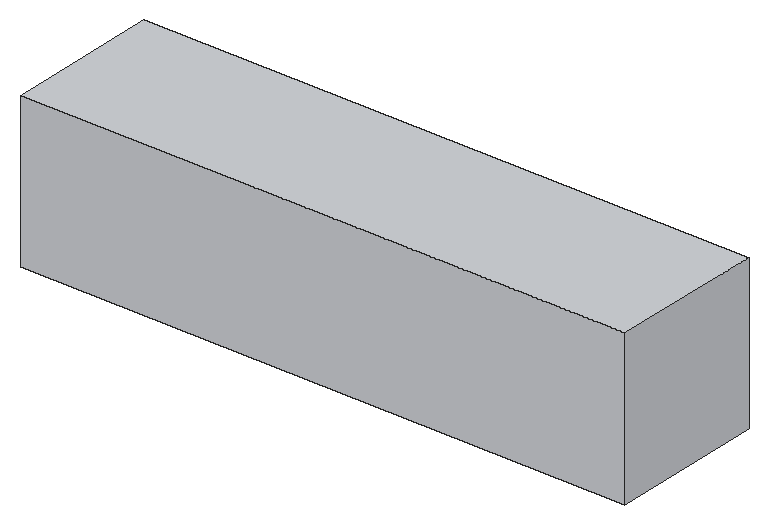
Revit family "DynamoBrick", category Generic Models, Revit 2024
Family settings
  Can host rebar = No
  Round Connector Dimension = Use Diameter
  Part Type = Normal
  Work Plane-Based = No
  Always vertical = Yes
  Cut with Voids When Loaded = No
  Maintain Annotation Orientation = No
  Shared = No
  Room Calculation Point = No
Parameters
  Material = none
  Length = 300 mm
  Height = Depth - Gap  # 77.5 mm
  Gap = 2.5 mm
  Depth = 80 mm
  Default Elevation = 0 mm
Reference planes
  plane 1 "Center (Front/Back)": y = 0
  plane 2: z = 0
  plane 3 "Center (Left/Right)": x = 0
  plane 4: x = -150
  plane 5: x = 150
  plane 6: y = -80
Forms (mm)
  Extrusion 1, solid, material <- "Material"
    sketch origin (0, 0, 0) x (1, 0, 0) y (0, 1, 0)
      loop
        line (-147.5, -2.5) -> (-147.5, -77.5) -> (147.5, -77.5) -> (147.5, -2.5) -> (-147.5, -2.5)
    from 2.5 <- "Gap" to 77.5 <- "Height"
Dimensions and locks
  equal spacing: plane 4, plane 3 "Center (Left/Right)", plane 5
  "Depth": plane 6 to plane 1 "Center (Front/Back)"
  "Length": plane 4 to plane 5
  "Gap": plane 4 to Extrusion 1 sketch curve
  "Gap": Extrusion 1 sketch curve to plane 5
  "Gap": Extrusion 1 sketch curve to plane 1 "Center (Front/Back)"
  "Gap": Extrusion 1 sketch curve to plane 6
  aligned and locked: plane 2 to level
